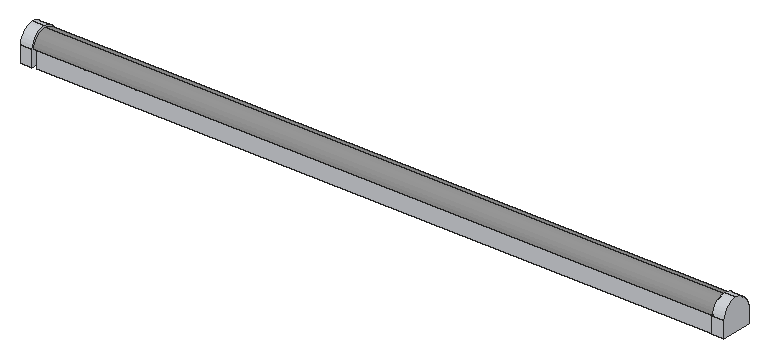
Revit family "0048979 4K LO", category Lighting Fixtures, host Face, Revit 2018
Family settings
  Host = Face
  Round Connector Dimension = Use Diameter
  Part Type = Normal
  OmniClass Number = 23.80.70.00
  OmniClass Title = Lighting
  Cut with Voids When Loaded = No
  Light Source = Yes
  Shared = No
  Room Calculation Point = No
Parameters (values of type "0048979 START BATTEN 1500 4000/7000 830/840")
  box length = 1160 mm
  Weight = "n/a"
  Wattage Comments = ""
  Wattage = 9.2903 W
  WarrantyStartDate [instance] = "n/a"
  WarrantyGuarantorParts = "n/a"
  WarrantyDurationUnit = "n/a"
  WarrantyDurationParts = ""
  WarrantyDescription = "http://www.sylvania-lighting.com"
  built-in parameter 1150110 = 1 (stored number, unit not read)
  Voltage = 0 V
  URL = "0"
  TypeName = "Start Batten 1500 4000/7000lm 830/840"
  Type Image = <None>
  Type Comments = "n/a"
  built-in parameter 1114217 = 1 (stored number, unit not read)
  Tilt Angle = -90.00°
  built-in parameter 1150109 = 1 (stored number, unit not read)
  built-in parameter 1150134 = 3
  built-in parameter 1150113 = 1 (stored number, unit not read)
  SerialNumber [instance] = "n/a"
  Photometric Web File = "0048979_3000K_LO.IES"
  Material_3_SYL = none
  PowerFactor = 0
  PowerConsumption = "Lighting"
  NominalLength = 0 mm
  NominalHeight = 65 mm
  NominalDepth = 64 mm
  Name = "Start Batten 1500 4000/7000lm 830/840"
  ModelReference = Name  # "Start Batten 1500 4000/7000lm 830/840"
  ModelNumber = "0048979"
  Model = Name  # "Start Batten 1500 4000/7000lm 830/840"
  Material = "Feilo Sylvania"
  ManufacturerName = "n/a"
  Manufacturer = ""
  LuminousEfficacy = ""
  built-in parameter 1150105 = 109.82 (stored number, unit not read)
  Lumens = 1380 lm
  LuminaireType = "0"
  built-in parameter 1150115 = 1 (stored number, unit not read)
  LightOutputRatio = "LED"
  built-in parameter 1150137 = (empty or 0)
  built-in parameter 1150139 = (empty or 0)
  LampsType = Lamp  # "n/a"
  LampNominalLuminous = "n/a"
  LampMacAdamStep = "n/a"
  LampColourTemperature = "LED"
  LampColourRenderingIndex = "16500"
  built-in parameter 1150112 = 1 (stored number, unit not read)
  built-in parameter 1150114 = 1 (stored number, unit not read)
  Lamp = "n/a"
  Keynote = "n/a"
  InstallationDate [instance] = "n/a"
  InputVoltage = "0"
  InputNominalFrequency = ""
  built-in parameter 1150132 = (empty or 0)
  built-in parameter 1150102 = (empty or 0)
  built-in parameter 1150107 = 3200 (stored number, unit not read)
  built-in parameter 1150138 = (empty or 0)
  IngressProtection = "IfcLightFixtureType"
  ImpactProtectionIndex = "IfcLightFixtureType"
  built-in parameter 1150106 = 1.0982 (stored number, unit not read)
  IfcExportType = "IfcLightFixtureType"
  IfcExportAs = "n/a"
  Emit from Circle Diameter = 609.6 mm
  Emit Shape Visible in Rendering = no
  ElectricShockClassification = ""
  built-in parameter 1150104 = 13.8 (stored number, unit not read)
  DocumentationLiterature = "http://www.sylvania-lighting.com/product/en-int/products/0048979"
  DimmingControlOptions = "n/a"
  Material_2_SYL = none
  Dimming Lamp Color Temperature Shift = <None>
  Description = "-"
  Default Elevation = 1219.2 mm
  CreatedOn = "21/12/2023"
  CreatedBy = "@sylvania-lighting.com"
  Cost = 0
  Color Filter = 16777215
  built-in parameter 1114216 [instance] = (empty or 0)
  ClassificationValue = "EF_70_80"
  ClassificationName = "Uniclass2015"
  Material_1_SYL = none
  BarCode [instance] = "n/a"
  built-in parameter 1114218 = 1 (stored number, unit not read)
  built-in parameter 1150133 = 10 (stored number, unit not read)
  AssetType = "Fixed"
  AssetIdentifier [instance] = "n/a"
  Assembly Code = "D5020200"
  Apparent Load = 0 VA
  Material_4_SYL = none
Reference planes
  plane 1 "Center (Front/Back)": y = 0
  plane 2: z = 0
  plane 3 "Center (Left/Right)": x = 0
  plane 4: x = 0
  plane 5: x = 0
  plane 6: y = 32.5
  plane 7: y = -32.5
  plane 8: z = 65
  plane 9: z = 34
  plane 10: y = 30.5
  plane 11: y = -30.5
  plane 12: z = 63.008
Forms (mm)
  Extrusion 1, solid, detail levels medium+fine
    sketch origin (319, 1524, 1219.2) x (0, 1, 0) y (0, 0, 1)
      loop
        arc (-1524, -1154.2) -> (-1546.026, -1163.645) -> (-1556.5, -1185.2) r 34.317
        line (-1556.5, -1185.2) -> (-1556.5, -1219.2) -> (-1491.5, -1219.2) -> (-1491.5, -1185.2)
        arc (-1491.5, -1185.2) -> (-1501.974, -1163.645) -> (-1524, -1154.2) r 34.317
    from 406 to 431
  Extrusion 2, solid, detail levels medium+fine
    sketch origin (0, 0, 0) x (1, 0, 0) y (0, 1, 0)
      loop
        line (725, 30.5) -> (-715.98, 30.5) -> (-715.98, -30.5) -> (725, -30.5) -> (725, 30.5)
    from 0 to 34
  Extrusion 3, solid, material "Glass, White, High Luminance", detail levels medium+fine
    sketch origin (319, 1524, 1219.2) x (0, 1, 0) y (0, 0, 1)
      loop
        arc (-1493.5, -1185.2) -> (-1503.309, -1164.975) -> (-1524, -1156.192) r 32
        arc (-1524, -1156.192) -> (-1544.691, -1164.975) -> (-1554.5, -1185.2) r 32
        line (-1554.5, -1185.2) -> (-1493.5, -1185.2)
    from -1044 to 406
  Extrusion 4, solid, detail levels medium+fine
    sketch origin (-318.695, 1524, 1219.2) x (0, 1, 0) y (0, 0, -1)
      loop
        arc (-1524, 1154.2) -> (-1501.974, 1163.645) -> (-1491.5, 1185.2) r 34.317
        line (-1491.5, 1185.2) -> (-1491.5, 1219.2) -> (-1556.5, 1219.2) -> (-1556.5, 1185.2)
        arc (-1556.5, 1185.2) -> (-1546.026, 1163.645) -> (-1524, 1154.2) r 34.317
    from 431.305 to 406.305
Dimensions and locks
  "NominalLength": plane 4 to plane 5
  equal spacing: plane 4, plane 3 "Center (Left/Right)", plane 5
  "NominalHeight": plane 6 to plane 7
  equal spacing: plane 6, plane 1 "Center (Front/Back)", plane 7
  "NominalHeight": plane 8 to level
  aligned and locked: plane 2 to host face
  aligned and locked: level to host face
Automatic sketch dimensions
  host sketch curve to host sketch curve = 2438.4 mm  (x2)
  Extrusion 1 sketch curve to level = 0 mm
  Extrusion 1 sketch curve to plane 7 = 0 mm
  Extrusion 1 sketch curve to plane 1 "Center (Front/Back)" = 0 mm
  Extrusion 1 sketch curve to plane 6 = 0 mm
  Extrusion 1 sketch curve to plane 9 = 0 mm  (x2)
  Extrusion 1 sketch curve to plane 8 = 0 mm
  plane 1 "Center (Front/Back)" to Extrusion 1 sketch curve = 1.661 mm
  Extrusion 1 sketch curve to plane 1 "Center (Front/Back)" = 1.661 mm
  Extrusion 2 sketch curve to plane 11 = 0 mm
  Extrusion 2 sketch curve to plane 10 = 0 mm
  plane 4 to Extrusion 2 sketch curve = 725 mm
  Extrusion 2 sketch curve to plane 5 = 715.98 mm
  Extrusion 3 sketch curve to plane 9 = 0 mm
  Extrusion 3 sketch curve to plane 11 = 0 mm
  Extrusion 3 sketch curve to plane 1 "Center (Front/Back)" = 0 mm
  Extrusion 3 sketch curve to plane 10 = 0 mm
  Extrusion 3 sketch curve to plane 12 = 0 mm
  plane 1 "Center (Front/Back)" to Extrusion 3 sketch curve = 1.363 mm
  Extrusion 3 sketch curve to plane 1 "Center (Front/Back)" = 1.363 mm
  Extrusion 4 sketch curve to level = 0 mm
  Extrusion 4 sketch curve to plane 7 = 0 mm
  Extrusion 4 sketch curve to plane 1 "Center (Front/Back)" = 0 mm
  Extrusion 4 sketch curve to plane 6 = 0 mm
  Extrusion 4 sketch curve to plane 8 = 0 mm
  Extrusion 4 sketch curve to plane 9 = 0 mm  (x2)
  plane 1 "Center (Front/Back)" to Extrusion 4 sketch curve = 1.661 mm
  Extrusion 4 sketch curve to plane 1 "Center (Front/Back)" = 1.661 mm
Connectors
  electrical at (0, 0, 0), driven by "Apparent Load", driven by "PowerFactor", driven by "Voltage"
    settings: index 1, voltage 0 V, apparent load 0 VA, apparent load phase1 0 VA, apparent load phase2 0 VA, apparent load phase3 0 VA, power factor 0, load classification "Lighting", number of poles 1, system type 30, power factor state 1, is connector primary yes, connector utility no, sub classification motor no, connector description ""
